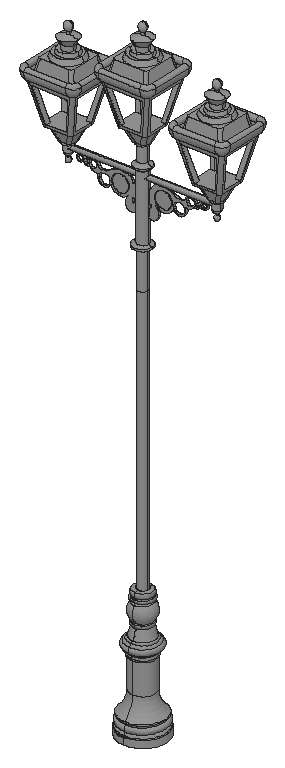
Revit family "Фонарь уличный «Адмирал - 3» со светильниками Арт 9813", category Антураж, Revit 2018 (continued)
Definition of nested family "Фонарь уличный «Адмирал - 3» со светильниками Светильник"
  Automatic sketch dimensions
    Revolve 38 sketch curve to level = 964.043 mm
    radius of Extrusion 1 sketch curve = 25 mm
    radius of Sweep 2 sketch curve = 15 mm
    radius of Extrusion 4 sketch curve = 40 mm
    radius of Extrusion 20 sketch curve = 40 mm
    radius of Extrusion 29 sketch curve = 56.087 mm
    radius of Extrusion 29 sketch curve = 50 mm
    radius of Extrusion 29 sketch curve = 35 mm
    radius of Extrusion 29 sketch curve = 25 mm
    radius of Extrusion 29 sketch curve = 18.11 mm
    radius of Extrusion 30 sketch curve = 25 mm
    radius of Extrusion 32 sketch curve = 40 mm
    radius of Extrusion 40 sketch curve = 56.087 mm
    radius of Extrusion 40 sketch curve = 50 mm
    radius of Extrusion 40 sketch curve = 35 mm
    radius of Extrusion 40 sketch curve = 25 mm
    radius of Extrusion 40 sketch curve = 18.11 mm
Definition of nested family "Фонарь уличный «Адмирал - 1» со светильником Арт 7467 опора"
  Parameters (values of type "Фонарь уличный «Адмирал - 1» со светильником Арт 7467 опора")
    Цвет основания = none
    Height = 0 mm
  Reference planes
    plane 1 "По центру (Вперед/Назад)": y = 0
    plane 2: z = 0
    plane 3 "По центру (Влево/Вправо)": x = 0
  Forms (mm)
    Revolve 1, solid, material <- "Цвет основания"
      sketch origin (0, 0, 0) x (0, 1, 0) y (0, 0, 1)
        loop
          line (0, 820) -> (0, 0) -> (149.5, 0) -> (149.5, 42.538) -> (144.5, 42.538) -> (144.5, 49.625)
          arc (144.5, 49.625) -> (139.322, 62.125) -> (126.822, 67.303) r 17.678
          arc (126.822, 67.303) -> (144.322, 84.803) -> (126.822, 102.303) r 17.5
          line (126.822, 102.303) -> (136.787, 116.534) -> (136.787, 124.389)
          arc (136.787, 124.389) -> (93.139, 181.272) -> (77.621, 251.272) r 165.634
          line (77.621, 251.272) -> (77.621, 446.272)
          arc (77.621, 446.272) -> (82.621, 448.343) -> (84.692, 453.343) r 7.071
          line (84.692, 453.343) -> (84.692, 473.343)
          arc (84.692, 473.343) -> (89.289, 483.297) -> (99.786, 486.465) r 13.37
          line (99.786, 486.465) -> (99.786, 491.465)
          arc (99.786, 491.465) -> (112.377, 508.965) -> (99.786, 526.465) r 18.457
          arc (99.786, 526.465) -> (95.644, 536.465) -> (85.644, 540.607) r 14.142
          arc (85.644, 540.607) -> (84.745, 547.433) -> (78.638, 550.611) r 7.455
          line (78.638, 550.611) -> (73.638, 550.611) -> (56.704, 618.532)
          arc (56.704, 618.532) -> (63.982, 625.961) -> (62.44, 636.245) r 11.665
          line (62.44, 636.245) -> (56.704, 644.437)
          arc (56.704, 644.437) -> (79.439, 693.553) -> (62.908, 745.09) r 74.461
          arc (62.908, 745.09) -> (56.601, 755.09) -> (62.908, 765.09) r 11.081
          arc (62.908, 765.09) -> (68.7, 769.145) -> (64.644, 774.938) r 5
          line (64.644, 774.938) -> (56.704, 774.938) -> (56.704, 784.938)
          arc (56.704, 784.938) -> (62.893, 799.454) -> (59.319, 814.824) r 25.407
          arc (59.319, 814.824) -> (49.116, 815.385) -> (40, 820) r 24.877
          line (40, 820) -> (0, 820)
        axis (0, 820) -> (0, 0)
      angle from 0 to 360
  Dimensions and locks
    aligned and locked: level to plane 2
Types (7, lengths in mm): name | Описание | Высота столба | Высота | Версия 6,0 м | Версия 5,5 м | Версия 5,0 м | Версия 4,5 м | Версия 4,0 м
  (no name) | "Фонарь уличный «Адмирал - 3» со светильниками. Версия 4,0 м" | 2500 | 4000 | no | no | no | no | yes
  Версия 4,0 м | "Фонарь уличный «Адмирал - 3» со светильниками. Версия 4,0 м" | 2500 | 4000 | no | no | no | no | yes
  Версия 4,5 м | "Фонарь уличный «Адмирал - 3» со светильниками. Версия 4,5 м" | 3000 | 4500 | no | no | no | yes | no
  Версия 5,0 м | "Фонарь уличный «Адмирал - 3» со светильниками. Версия 5,0 м" | 3500 | 5000 | no | no | yes | no | no
  Версия 5,5 м | "Фонарь уличный «Адмирал - 3» со светильниками. Версия 5,5 м" | 4000 | 5500 | no | yes | no | no | no
  Версия 6,0 м | "Фонарь уличный «Адмирал - 3» со светильниками. Версия 6,0 м" | 4500 | 6000 | yes | no | no | no | no
  Версия 6,5 м | "Фонарь уличный «Адмирал - 3» со светильниками. Версия 6,5 м" | 5000 | 6500 | no | no | no | no | no
